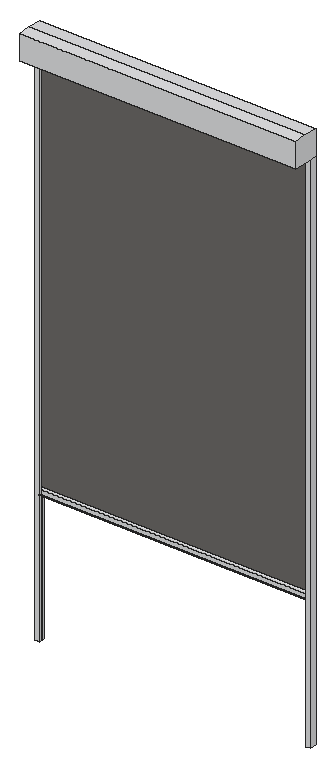
Revit family "Shades-Hunter_Douglas-RB500-Single_Heavy_Duty-Auto-Bracket_Block_Out-4in", category Specialty Equipment, Revit 2025
Family settings
  Round Connector Dimension = Use Diameter
  Part Type = Normal
  OmniClass Number = 23.30.60.14
  OmniClass Title = Interior Window Treatment
  Work Plane-Based = No
  Enable Cutting in Views = No
  Always vertical = Yes
  Cut with Voids When Loaded = No
  Maintain Annotation Orientation = No
  Shared = No
  Room Calculation Point = No
Parameters (values of type "Automated")
  URL = "https://www.hunterdouglasarchitectural.com/"
  Type Comments = "Block Out Shade"  # constant formula
  Model = "Heavy Duty Automated 4IN Bracket Block Out"  # constant formula
  Manufacturer = "Hunter Douglas Architectural"  # constant formula
  Description = "Heavy Duty Automatic Roller Shade"  # constant formula
  Default Elevation = 0' - 0"
  CD_Width [instance] = 4' - 0"
  CD_Warranty = "https://assets.hunterdouglasarchitectural.com/documents/RB500/Lifetime_Guarantee_HDA.pdf?_rand=1465740819000"
  CD_Product Page URL = "https://www.hunterdouglasarchitectural.com/windowcoverings/rollershades/RB500/index.jsp"
  CD_Product Name = "RB 500 Roller Shade System"  # constant formula
  CD_Product Documentation Link = "https://www.hunterdouglasarchitectural.com/windowcoverings/rollershades/RB500/index.jsp#cadDrawing"
  CD_Opening Percentage [instance] = 25
  CD_Microsite = "https://microsite.caddetails.com/1669"
  CD_Install Documentation = "https://www.hunterdouglasarchitectural.com/windowcoverings/rollershades/RB500/index.jsp#installationPage"
  CD_Height Opening [instance] = ((CD_Height - CD_Bracket Height - 0' 1 101/256") * CD_Opening Percentage) / 100  # 1' - 10.55957"
  CD_Height [instance] = 8' - 0"
  CD_Finish Rail = Metal-Aluminum-Hunter_Douglas-Anodized
  CD_Finish Frame = Metal-Aluminum-Hunter_Douglas-Anodized
  CD_Finish = Fabric-Shade-Hunter_Douglas-5%-E_Screen-Charcoal_Cocoa
  CD_Bracket Height = 0' - 4 47/128"  # constant formula
  CD_Bracket Depth = 0' - 4 35/128"  # constant formula
  CD_Fabric Sizing Disclaimer = "Designer to verify maximum fabric size with Manufacturer as the maximum fabric size is dependent on finished dimensions"  # constant formula
  Assembly Code = "E2010300"
Reference planes (in)
  plane 1 "Center (Front/Back)": y = -0.11342
  plane 2 "Bottom": z = 0
  plane 3 "Center (Left/Right)": x = 0
  plane 4 "Top": z = 96
  plane 5 "Left": x = -24
  plane 6 "Right": x = 24
  plane 7 "Back": y = 2.13672
  plane 8 "Front": y = -2.13672
  plane 9 "Opening": z = 22.55957
  plane 10 "Head Height": z = 91.63281
  plane 11 "Shade Left": x = -23.44922
  plane 12 "Shade Right": x = 23.44922
  plane 13 "Blind Location": y = 1.60373
  plane 14 "Center (Elevation)": z = 93.63781
Forms (in)
  Extrusion 1, solid, material "Metal-Aluminum-Hunter_Douglas-Anodized" <- "CD_Finish Frame", detail levels medium+fine
    sketch origin (0, 0, 0) x (0, 1, 0) y (0, 0, 1)
      loop
        line (2.13672, 96) -> (-0.22727, 96) -> (-2.13672, 95.80431) -> (-2.13672, 91.63281) -> (2.04277, 91.63281) -> (2.04277, 91.59038) -> (2.13672, 91.59038) -> (2.13672, 96)
    from -24 to 24
  Extrusion 2, solid, material "Metal-Aluminum-Hunter_Douglas-Anodized" <- "CD_Finish Frame", detail levels coarse
    sketch origin (0, 0, 0) x (0, 1, 0) y (0, 0, 1)
      loop
        line (2.13672, 91.63281) -> (2.13672, 96) -> (-2.13672, 96) -> (-2.13672, 91.63281) -> (2.13672, 91.63281)
    from -24 to 24
  Extrusion 3, solid, material "Metal-Aluminum-Hunter_Douglas-Anodized" <- "CD_Finish Rail", detail levels fine
    sketch origin (0, 0, -20.35107) x (0, 1, 0) y (0, 0, 1)
      loop
        line (1.91592, 43.22295) -> (1.91592, 43.99032)
        arc (1.91592, 43.99032) -> (1.62365, 44.30337) -> (1.2913, 44.03325) r 0.31379
        line (1.2913, 44.03325) -> (1.2913, 43.22295)
        arc (1.2913, 43.22295) -> (1.60361, 42.91064) -> (1.91592, 43.22295) r 0.31231
    from -23.44922 to 23.44922
  Extrusion 4, solid, material "Fabric-Shade-Hunter_Douglas-5%-E_Screen-Charcoal_Cocoa" <- "CD_Finish"
    sketch origin (0, 0, 0) x (0, 1, 0) y (0, 0, 1)
      loop
        line (1.62122, 22.55957) -> (1.62122, 92.41406) -> (1.58623, 92.41406) -> (1.58623, 22.55957) -> (1.62122, 22.55957)
    from -23.44922 to 23.44922
  Extrusion 5, void
    sketch origin (0, 0, 0) x (1, 0, 0) y (0, 1, 0)
      loop
        line (-23.44922, 1.91592) -> (-23.44922, 1.2913) -> (23.44922, 1.2913) -> (23.44922, 1.91592) -> (-23.44922, 1.91592)
    from 91.63281 to 92.41406
  Extrusion 6, solid, material "Metal-Aluminum-Hunter_Douglas-Anodized" <- "CD_Finish Rail", detail levels fine
    sketch origin (0, 0, 0) x (1, 0, 0) y (0, 1, 0)
      loop
        line (-23.17198, 1.91592) -> (-23.17198, 2.13672) -> (-24, 2.13672) -> (-24, 1.07073) -> (-23.17198, 1.07073) -> (-23.17198, 1.2913) -> (-23.44922, 1.2913) -> (-23.44922, 1.91592) -> (-23.17198, 1.91592)
      loop
        line (23.17198, 1.91592) -> (23.44922, 1.91592) -> (23.44922, 1.2913) -> (23.17198, 1.2913) -> (23.17198, 1.07073) -> (24, 1.07073) -> (24, 2.13672) -> (23.17198, 2.13672) -> (23.17198, 1.91592)
    from 0 to 91.63281
  Extrusion 7, solid, material "Metal-Aluminum-Hunter_Douglas-Anodized" <- "CD_Finish Rail", detail levels coarse+medium
    sketch origin (0, 0, 0) x (1, 0, 0) y (0, 1, 0)
      loop
        line (-24, 2.13672) -> (-24, 1.07422) -> (-23.44922, 1.07422) -> (-23.44922, 2.13672) -> (-24, 2.13672)
      loop
        line (24, 2.13672) -> (23.44922, 2.13672) -> (23.44922, 1.07422) -> (24, 1.07422) -> (24, 2.13672)
    from 0 to 91.63281
  Extrusion 8, solid, material "Fabric-Shade-Hunter_Douglas-5%-E_Screen-Charcoal_Cocoa" <- "CD_Finish"
    sketch origin (0, 0, 0) x (0, 1, 0) y (0, 0, 1)
      loop
        arc (1.59537, 93.9003) -> (-1.83817, 93.69411) -> (1.58623, 93.36978) r 1.725
        line (1.58623, 93.36978) -> (1.58623, 92.41406) -> (1.62122, 92.41406) -> (1.59537, 93.9003)
    from -23.44922 to 23.44922
Cuts and joins
  Extrusion 5 cuts Extrusion 1
  joined: Extrusion 4, Extrusion 8
Lines and regions (in)
  Masking region 1, detail levels fine
    outline origin (0, 0, 0) x (0, 1, 0) y (0, 0, 1)
      loop
        arc (1.91592, 23.63925) -> (1.62365, 23.9523) -> (1.2913, 23.68218) r 0.31379
        line (1.2913, 23.68218) -> (1.2913, 22.87188)
        arc (1.2913, 22.87188) -> (1.60361, 22.55957) -> (1.91592, 22.87188) r 0.31231
        line (1.91592, 22.87188) -> (1.91592, 23.63925)
Dimensions and locks (in)
  "CD_Height": plane 4 "Top" to plane 2 "Bottom"
  equal spacing: plane 5 "Left", plane 3 "Center (Left/Right)", plane 6 "Right"
  "CD_Width": plane 5 "Left" to plane 6 "Right"
  locked: plane 1 "Center (Front/Back)" to plane 13 "Blind Location" at 1.71715
  "CD_Bracket Depth": plane 8 "Front" to plane 7 "Back"
  Extrusion 1 sketch curve to plane 10 "Head Height" to Extrusion 1 sketch curve = 0' - 4.17149" locked, 0' - 0.04243" locked
  Extrusion 3 sketch curve to Extrusion 3 sketch curve to Extrusion 3 sketch curve to Extrusion 3 sketch curve to Extrusion 3 sketch curve to plane 9 "Opening" to Extrusion 3 sketch curve = 0' - 0.27086" locked, 0' - 0.04293" locked, 0' - 0.76737" locked, 0' - 0" locked, 0' - 0.31231" locked, 0' - 0" locked
  Extrusion 3 sketch curve to plane 13 "Blind Location" to Extrusion 3 sketch curve = 0' - 0.31219" locked, 0' - 0.31243" locked
  locked: Extrusion 4 sketch curve to plane 10 "Head Height" at 0.78125
  Extrusion 4 sketch curve to plane 13 "Blind Location" to Extrusion 4 sketch curve = 0' - 0.01749" locked, 0' - 0.01749" locked
  locked: plane 5 "Left" to plane 11 "Shade Left" at 0.55078
  locked: plane 12 "Shade Right" to plane 6 "Right" at 0.55078
  "CD_Height Opening": plane 9 "Opening" to level
  "CD_Bracket Height": plane 4 "Top" to plane 10 "Head Height"
  Masking region 1 sketch curve to Masking region 1 sketch curve to Masking region 1 sketch curve to Masking region 1 sketch curve to Masking region 1 sketch curve to plane 9 "Opening" to Masking region 1 sketch curve = 0' - 0.27086" locked, 0' - 0.04293" locked, 0' - 0.76737" locked, 0' - 0" locked, 0' - 0.31231" locked, 0' - 0" locked
  locked: Extrusion 1 sketch curve to plane 8 "Front" at 1.90945
  Extrusion 5 sketch curve to plane 13 "Blind Location" to Extrusion 5 sketch curve = 0' - 0.31243" locked, 0' - 0.31219" locked
  locked: Extrusion 5 to plane 10 "Head Height" at 0.78125
  Masking region 1 sketch curve to plane 13 "Blind Location" to Masking region 1 sketch curve = 0' - 0.31219" locked, 0' - 0.31243" locked
  Extrusion 6 sketch curve to Extrusion 6 sketch curve to Extrusion 3 to plane 6 "Right" = 0' - 0" locked, 0' - 0.27724" locked, 0' - 0 141/256"
  plane 5 "Left" to Extrusion 3 to Extrusion 6 sketch curve to Extrusion 6 sketch curve = 0' - 0 141/256", 0' - 0.27724" locked, 0' - 0" locked
  Extrusion 6 sketch curve to Extrusion 6 sketch curve to plane 13 "Blind Location" to Extrusion 6 sketch curve to Extrusion 6 sketch curve = 0' - 0.22057" locked, 0' - 0.31243" locked, 0' - 0.31219" locked, 0' - 0.2208" locked  (x2)
  Extrusion 7 sketch curve to plane 13 "Blind Location" to Extrusion 7 sketch curve = 0' - 0.52951" locked, 0' - 0.53299" locked  (x2)
  Extrusion 8 sketch curve to Extrusion 8 sketch curve to Extrusion 8 sketch curve to plane 4 "Top" = 0' - 1.48624" locked, 0' - 1.4891" locked, 0' - 0.6106" locked
  Extrusion 8 sketch curve to plane 13 "Blind Location" to Extrusion 8 sketch curve to Extrusion 8 sketch curve to Extrusion 8 sketch curve = 0' - 0.01749" locked, 0' - 0.00835" locked, 0' - 0.00914" locked, 0' - 3.42466" locked
  locked: plane 4 "Top" to plane 14 "Center (Elevation)" at 2.36219
  locked: plane 13 "Blind Location" to plane 7 "Back" at 0.53299
  aligned and locked: plane 2 "Bottom" to level
  aligned and locked: plane 4 "Top" to Extrusion 2 sketch curve
  aligned and locked: plane 8 "Front" to Extrusion 2 sketch curve
  aligned and locked: Extrusion 2 sketch curve to plane 7 "Back"
  aligned and locked: Extrusion 2 sketch curve to plane 10 "Head Height"
  aligned and locked: plane 4 "Top" to Extrusion 1 sketch curve
  aligned and locked: Extrusion 1 sketch curve to plane 7 "Back"
  aligned and locked: plane 10 "Head Height" to Extrusion 1 sketch curve
  aligned and locked: Extrusion 2 to plane 5 "Left"
  aligned and locked: plane 6 "Right" to Extrusion 2
  aligned and locked: Extrusion 4 to plane 11 "Shade Left"
  aligned and locked: plane 12 "Shade Right" to Extrusion 4
  aligned and locked: Extrusion 3 to plane 11 "Shade Left"
  aligned and locked: plane 12 "Shade Right" to Extrusion 3
  aligned and locked: Extrusion 4 to plane 9 "Opening"
  aligned and locked: Extrusion 1 to plane 5 "Left"
  aligned and locked: plane 6 "Right" to Extrusion 1
  aligned and locked: plane 11 "Shade Left" to Extrusion 5 sketch curve
  aligned and locked: Extrusion 5 sketch curve to plane 12 "Shade Right"
  aligned and locked: Extrusion 5 to plane 10 "Head Height"
  aligned and locked: Extrusion 6 sketch curve to plane 6 "Right"
  aligned and locked: Extrusion 6 sketch curve to plane 5 "Left"
  aligned and locked: plane 10 "Head Height" to Extrusion 6
  aligned and locked: Extrusion 6 to level
  aligned and locked: Extrusion 7 sketch curve to plane 5 "Left"
  aligned and locked: plane 11 "Shade Left" to Extrusion 7 sketch curve
  aligned and locked: Extrusion 7 sketch curve to plane 6 "Right"
  aligned and locked: plane 12 "Shade Right" to Extrusion 7 sketch curve
  aligned and locked: Extrusion 7 to level
  aligned and locked: plane 10 "Head Height" to Extrusion 7
  aligned and locked: Extrusion 8 to plane 11 "Shade Left"
  aligned and locked: plane 12 "Shade Right" to Extrusion 8
Automatic sketch dimensions
  Extrusion 1 sketch curve to plane 8 "Front" = 0' - 0"
  plane 7 "Back" to Extrusion 1 sketch curve = 0' - 0.09395"
  plane 9 "Opening" to Extrusion 4 sketch curve = 0' - 0"
  Extrusion 6 sketch curve to plane 11 "Shade Left" = 0' - 0"
  Extrusion 6 sketch curve to plane 12 "Shade Right" = 0' - 0"
